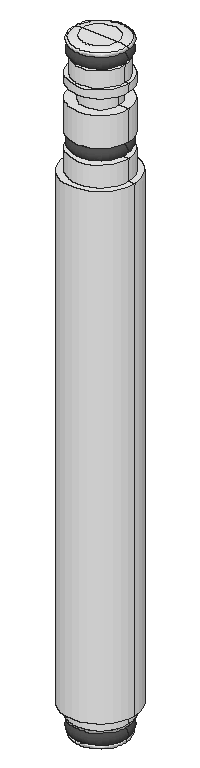
Revit family "Hand_Shower_Extension-Grohe-Retro_Fit-26464_Series", category Specialty Equipment, Revit 2019
Family settings
  Round Connector Dimension = Use Diameter
  Part Type = Normal
  OmniClass Number = 23.45.05.14.17
  OmniClass Title = Showers
  Work Plane-Based = Yes
  Always vertical = No
  Cut with Voids When Loaded = No
  Shared = Yes
  Room Calculation Point = No
Parameters (values of type "26464000")
  Width = 0.86614"  # constant formula
  US Federal and State material regulations = yes
  URL = "https://www.grohe.us/"
  Revised Date = "11/01/2021"  # constant formula
  Product Page URL = "https://www.grohe.us/Hand-Showers-Accessories/6-Inch-Height-Extension/GROHE-CHROME-26464000"
  Product Documentation Link = "https://americanstandard.box.com/shared/static/2lt4uq0i1nlvxi1ho1yn5hirjlrerrz2.pdf"
  Price = "Prices may vary. Please consult Manufacturer Representative for most up-to-date price list."  # constant formula
  Model = "26464000"
  Material = "Metal-Grohe-000-Chrome"
  Manufacturer = "GROHE"
  Length = 0.86614"  # constant formula
  Installation Instruction Link = "https://americanstandard.box.com/shared/static/75r0vyk1jti74dwna85u73a5x6mvq9rd.pdf"
  Height = 7.79528"  # constant formula
  Finish = Metal-Grohe-000-StarLight Chrome
  Description = "Retro-Fit 6-inch Height Extension"  # constant formula
  Default Elevation = 0"
  Creation Date = "10/14/2020"  # constant formula
  CEC Compliant = yes
  Assembly Code = "D2010710"
  ASME A112.18.1/CSA B125.1 = yes
Types (3): name | Product Page URL | Model | Material | Finish
  (no name) | "https://www.grohe.us/Hand-Showers-Accessories/6-Inch-Height-Extension/GROHE-CHROME-26464000" | "26464000" | "Metal-Grohe-000-Chrome" | Metal-Grohe-000-StarLight Chrome
  26464000 | "https://www.grohe.us/Hand-Showers-Accessories/6-Inch-Height-Extension/GROHE-CHROME-26464000" | "26464000" | "Metal-Grohe-000-Chrome" | Metal-Grohe-000-StarLight Chrome
  26464EN0 | "https://www.grohe.us/Hand-Showers-Accessories/6-Inch-Height-Extension/GROHE-BRUSHED-NICKEL-26464EN0" | "26464EN0" | "Metal-Grohe-EN0-Brushed Nickel Infinity Finish" | Metal-Grohe-EN0-Brushed Nickel Infinity Finish
Reference planes (in)
  plane 1 "Center (Front/Back)": y = 0
  plane 2: z = 0
  plane 3 "Center (Left/Right)": x = 0
  plane 4: y = -0.88583
  plane 5: y = 0.88583
  plane 6: y = -3
  plane 7: x = -0.43307
  plane 8: x = 0.43307
  plane 9: z = 7.79528
  plane 10: z = 0.3794
  plane 11: z = 6.28491
Forms (in)
  Revolve 1, solid, material "Metal-Grohe-000-StarLight Chrome" <- "Finish"
    sketch origin (0, 0, 0) x (1, 0, 0) y (0, 0, 1)
      loop
        line (0, 0) -> (0, 7.79528) -> (-0.21983, 7.79528)
        arc (-0.21983, 7.79528) -> (-0.27357, 7.78923) -> (-0.32452, 7.77111) r 0.23604
        arc (-0.32452, 7.77111) -> (-0.34188, 7.75374) -> (-0.32452, 7.73638) r 0.01736
        line (-0.32452, 7.73638) -> (-0.24379, 7.73638) -> (-0.24379, 7.56234) -> (-0.30849, 7.56234) -> (-0.30849, 7.37299) -> (-0.35433, 7.37299) -> (-0.35433, 7.28) -> (-0.23278, 7.28) -> (-0.23278, 7.0907) -> (-0.35433, 7.0907) -> (-0.35433, 6.7254) -> (-0.24379, 6.7254) -> (-0.24379, 6.61789) -> (-0.24379, 6.53432) -> (-0.35433, 6.53432) -> (-0.35433, 6.28491) -> (-0.43307, 6.28491) -> (-0.43307, 0.34048) -> (-0.35433, 0.34048) -> (-0.35433, 0.21691)
        arc (-0.35433, 0.21691) -> (-0.34501, 0.1944) -> (-0.3225, 0.18507) r 0.03183
        line (-0.3225, 0.18507) -> (-0.27034, 0.18507) -> (-0.27034, 0.02448) -> (-0.31006, 0.02448)
        arc (-0.31006, 0.02448) -> (-0.3223, 0.01224) -> (-0.31006, 0) r 0.01224
        line (-0.31006, 0) -> (0, 0)
      axis (0, 0) -> (0, 7.79528)
    angle from 0 to 360
  Revolve 2, solid, material "Rubber-Grohe-Matte Black"
    sketch origin (0, 0, 0) x (1, 0, 0) y (0, 0, 1)
      loop
        line (0, 6.6779) -> (-0.27808, 6.6779)
        arc (-0.27808, 6.6779) -> (-0.33877, 6.61721) -> (-0.27808, 6.55652) r 0.06069
        line (-0.27808, 6.55652) -> (0, 6.55652) -> (0, 6.6779)
      loop
        line (0, 0.16228) -> (-0.27808, 0.16228)
        arc (-0.27808, 0.16228) -> (-0.34311, 0.09725) -> (-0.27808, 0.03223) r 0.06502
        line (-0.27808, 0.03223) -> (0, 0.03223) -> (0, 0.16228)
      loop
        line (0, 7.70531) -> (-0.27808, 7.70531)
        arc (-0.27808, 7.70531) -> (-0.33877, 7.64462) -> (-0.27808, 7.58393) r 0.06069
        line (-0.27808, 7.58393) -> (0, 7.58393) -> (0, 7.70531)
      axis (0, 0.03223) -> (0, 7.70531)
    angle from 0 to 360
Lines and regions (in)
  Masking region 1
    outline origin (0, 0, 0) x (1, 0, 0) y (0, 1, 0)
      loop
        circle (0, 0) r 0.43307
  symbolic lines, detail levels medium+fine
    curve 1: circle (0, 0, 0) r 0.35433 normal (0, 0, -1)
    curve 2: circle (0, 0, 0) r 0.30849 normal (0, 0, -1)
  symbolic lines, detail levels fine
    curve 3: circle (0, 0, 0) r 0.21983 normal (0, 0, 1)
    curve 4: circle (0, 0, 0) r 0.23278 normal (0, 0, -1)
    curve 5: circle (0, 0, 0) r 0.27034 normal (0, 0, -1)
Dimensions and locks (in)
  plane 5 to plane 4 = 1.77165"
  plane 1 "Center (Front/Back)" to plane 6 = 3"
  locked: plane 9 to plane 2 at 7.79528
  plane 10 to plane 2 = 0.3794"
  locked: plane 11 to plane 10 at 5.90551
  locked: plane 7 to plane 8 at 0.86614
  aligned and locked: Masking region 1 sketch curve to Revolve 1
  aligned and locked: Revolve 1 sketch curve to plane 11
